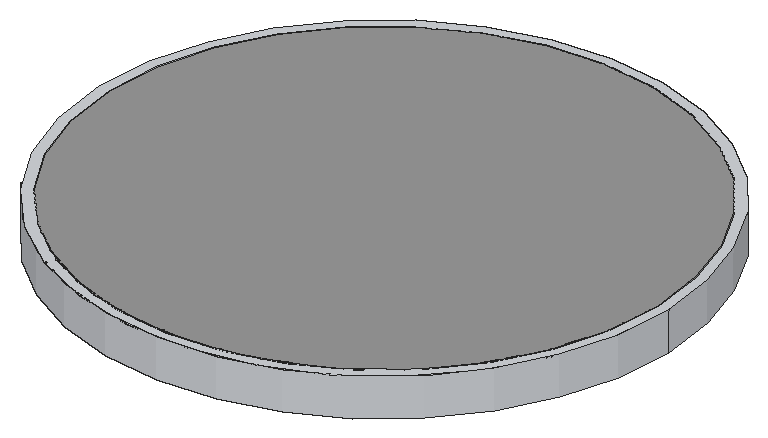
Revit family "2071267", category Lighting Fixtures, host Face, Revit 2018
Family settings
  Host = Face
  Round Connector Dimension = Use Diameter
  Part Type = Normal
  OmniClass Number = 23.80.70.00
  OmniClass Title = Lighting
  Cut with Voids When Loaded = No
  Light Source = Yes
  Shared = No
  Room Calculation Point = No
Parameters (values of type "2071267 COLOSSAL 900 840 OP DIR+H WHT SSA02")
  iner diameter = 856 mm
  Weight = "n/a"
  Wattage Comments = ""
  Wattage = 30 W
  WarrantyStartDate [instance] = "n/a"
  WarrantyGuarantorParts = "n/a"
  WarrantyDurationUnit = "n/a"
  WarrantyDurationParts = ""
  WarrantyDescription = "http://www.sylvania-lighting.com"
  built-in parameter 1150110 = 1 (stored number, unit not read)
  Voltage = 230 V
  URL = "0.95"
  TypeName = "COLOSSAL 900mm 840 OPAL DIR+HAL WHITE SSA02"
  Type Image = <None>
  Type Comments = "n/a"
  built-in parameter 1114217 = 1 (stored number, unit not read)
  Tilt Angle = -90.00°
  built-in parameter 1150109 = 1 (stored number, unit not read)
  built-in parameter 1150134 = (empty or 0)
  built-in parameter 1150113 = 1 (stored number, unit not read)
  SerialNumber [instance] = "n/a"
  Photometric Web File = "2071267.ies"
  Material_3_SYL = LED-Sylvania
  PowerFactor = 0
  PowerConsumption = "Lighting"
  NominalLength = 888 mm
  NominalHeight = 93 mm
  NominalDepth = 888 mm
  Name = "COLOSSAL 900mm 840 OPAL DIR+HAL WHITE SSA02"
  ModelReference = Name  # "COLOSSAL 900mm 840 OPAL DIR+HAL WHITE SSA02"
  ModelNumber = "2071267"
  Model = Name  # "COLOSSAL 900mm 840 OPAL DIR+HAL WHITE SSA02"
  Material = "Feilo Sylvania"
  ManufacturerName = "144 lm/W"
  Manufacturer = ""
  LuminousEfficacy = ""
  built-in parameter 1150105 = 270.44 (stored number, unit not read)
  Lumens = 3398.4 lm
  LuminaireType = "0"
  built-in parameter 1150115 = 1 (stored number, unit not read)
  LightOutputRatio = "LED"
  built-in parameter 1150137 = (empty or 0)
  built-in parameter 1150139 = (empty or 0)
  LampsType = Lamp  # "n/a"
  LampNominalLuminous = "4000 K"
  LampMacAdamStep = "80"
  LampColourTemperature = "LED"
  LampColourRenderingIndex = "16500"
  built-in parameter 1150112 = 1 (stored number, unit not read)
  built-in parameter 1150114 = 1 (stored number, unit not read)
  Lamp = "n/a"
  Keynote = "n/a"
  InstallationDate [instance] = "n/a"
  InputVoltage = "0"
  InputNominalFrequency = "4000"
  built-in parameter 1150132 = (empty or 0)
  built-in parameter 1150102 = (empty or 0)
  built-in parameter 1150107 = 3000 (stored number, unit not read)
  built-in parameter 1150138 = (empty or 0)
  IngressProtection = "IfcLightFixtureType"
  ImpactProtectionIndex = "IfcLightFixtureType"
  built-in parameter 1150106 = 2.7044 (stored number, unit not read)
  IfcExportType = "IfcLightFixtureType"
  IfcExportAs = "Class I"
  Emit from Circle Diameter = 385 mm
  Emit Shape Visible in Rendering = no
  ElectricShockClassification = "144"
  built-in parameter 1150104 = 10.524 (stored number, unit not read)
  DocumentationLiterature = "http://www.sylvania-lighting.com/product/en-int/products/2071267"
  DimmingControlOptions = "n/a"
  Material_2_SYL = Polycarbonate_Sylvania_White
  Dimming Lamp Color Temperature Shift = <None>
  Description = "900mm diameter circular architectural luminaire, can be surface mounted or suspended. Powder coated aluminium housing (RAL9016) with polycarbonate opal diffuser. Direct/indirect (halo) light distribution, 11025lm luminuous flux, 76.8W system power, 144lm/W luminiaire efficacy. Sylsmart Connected enabled. Colour rendering index Ra >80, 4000K Neutral White LED, chromaticity tolerance of 3-step MacAdam ellipse. IP40/IP20, IK03. 450mA drive current. Electrical protection Class1, 220-240V. Reported lifetime 66k hours L90B10."
  Default Elevation = 1219.2 mm
  CreatedOn = "23/03/2022"
  CreatedBy = "@sylvania-lighting.com"
  Cost = 0
  Color Filter = 16777215
  built-in parameter 1114216 [instance] = (empty or 0)
  ClassificationValue = "EF_70_80"
  ClassificationName = "Uniclass2015"
  Material_1_SYL = Polycarbonate_Sylvania_Opal
  BarCode [instance] = "n/a"
  built-in parameter 1114218 = 1 (stored number, unit not read)
  built-in parameter 1150133 = 10 (stored number, unit not read)
  AssetType = "Fixed"
  AssetIdentifier [instance] = "n/a"
  Assembly Code = "D5020200"
  Apparent Load = 76.8 VA
  Material_4_SYL = none
Reference planes
  plane 1 "Center (Front/Back)": y = 0
  plane 2: z = 0
  plane 3 "Center (Left/Right)": x = 0
  plane 4: z = 1.161
  plane 5: z = 16.161
  plane 6: x = -444
  plane 7: x = 444
  plane 8: y = 444
  plane 9: y = -444
  plane 10: y = 236
  plane 11: y = -236
  plane 12: x = 85
  plane 13: x = -85
  plane 14: through (0, 0, 1219.2) normal (0.5, 0.866, 0)
  plane 15: through (42.5, 73.612, 1219.2) normal (0.5, 0.866, 0)
  plane 16: through (-42.5, -73.612, 1219.2) normal (0.5, 0.866, 0)
  plane 17: through (0, 0, 1219.2) normal (0.5, -0.866, 0)
  plane 18: through (-42.5, 73.612, 1219.2) normal (0.5, -0.866, 0)
  plane 19: through (42.5, -73.612, 1219.2) normal (0.5, -0.866, 0)
  plane 20: z = 93
  plane 21: y = 428
  plane 22: y = -428
Forms (mm)
  Extrusion 1, solid, detail levels medium+fine
    sketch origin (0, 0, 0) x (0.866025, -0.5, 0) y (0.5, 0.866025, 0)
      loop
        circle (-50, 86.603) r 22
    from 0 to 2
  Extrusion 2, solid, detail levels medium+fine
    sketch origin (0, 0, 0) x (0.866025, -0.5, 0) y (0.5, 0.866025, 0)
      loop
        circle (100, 0) r 22
      loop
        circle (-50, -86.603) r 22
    from 0 to 2
  Blend 3, solid, detail levels medium+fine
    base sketch origin (0, 0, 0) x (1, 0, 0) y (0, 1, 0)
      loop
        line (-85, 236) -> (-246.882, -44.388) -> (-161.882, -191.612) -> (161.882, -191.612) -> (246.882, -44.388) -> (85, 236) -> (-85, 236)
    top sketch origin (0, 0, 0) x (1, 0, 0) y (0, 1, 0)
      loop
        line (-85, 283.076) -> (-287.651, -67.926) -> (-207.792, -218.119) -> (207.792, -218.119) -> (292.5, -71.401) -> (85, 283.076) -> (-85, 283.076)
    from 0 to 33.022
  Extrusion 4, solid, detail levels medium+fine
    sketch origin (0, 0, 0) x (1, 0, 0) y (0, 1, 0)
      loop
        circle (0, 0) r 444
    from 33.022 to 93
  Extrusion 5, void
    sketch origin (0, 0, 0) x (1, 0, 0) y (0, 1, 0)
      loop
        circle (0, 0) r 428
    from 96.588 to 37.292
  Extrusion 6, solid, material "Glass, White, High Luminance", detail levels fine
    sketch origin (0, 0, 0) x (1, 0, 0) y (0, 1, 0)
      loop
        circle (0, 0) r 428
    from 87.991 to 93
  Extrusion 7, solid, detail levels coarse
    sketch origin (0, 0, 0) x (1, 0, 0) y (0, 1, 0)
      loop
        line (-444, 444) -> (-444, -444) -> (444, -444) -> (444, 444) -> (-444, 444)
    from 0 to 93.648
Cuts and joins
  Extrusion 5 cuts Extrusion 1
  Extrusion 5 cuts Extrusion 2
  Extrusion 5 cuts Blend 3
  Extrusion 5 cuts Extrusion 4
Lines and regions (mm)
  model lines, detail levels medium+fine
    curve 1: circle (0, 0, 0) r 100 normal (0, 0, 1)
Dimensions and locks
  "NominalDepth": plane 8 to plane 9
  plane 8 to plane 1 "Center (Front/Back)" to plane 9 = 444 mm, 444 mm
  "NominalLength": plane 6 to plane 7
  equal spacing: plane 6, plane 3 "Center (Left/Right)", plane 7
  "NominalHeight": level to plane 20
  "iner diameter": plane 21 to plane 22
  equal spacing: plane 21, plane 1 "Center (Front/Back)", plane 22
  aligned and locked: plane 2 to host face
  aligned and locked: level to host face
Automatic sketch dimensions
  host sketch curve to host sketch curve = 2438.4 mm  (x2)
  Extrusion 1 sketch curve to plane 3 "Center (Left/Right)" = 0 mm
  Extrusion 1 sketch curve to plane 1 "Center (Front/Back)" = 100 mm
  plane 1 "Center (Front/Back)" to Extrusion 2 sketch curve = 50 mm
  Extrusion 2 sketch curve to plane 3 "Center (Left/Right)" = 86.603 mm
  Extrusion 2 sketch curve to Extrusion 2 sketch curve = 150 mm
  Extrusion 2 sketch curve to Extrusion 2 sketch curve = 86.603 mm
  plane 1 "Center (Front/Back)" to curve 1 = 0 mm
  curve 1 to plane 3 "Center (Left/Right)" = 0 mm
  plane 18 to Blend 3 sketch curve = 0 mm  (x2)
  plane 19 to Blend 3 sketch curve = 0 mm  (x2)
  Blend 3 sketch curve to plane 10 = 0 mm
  Blend 3 sketch curve to plane 13 = 0 mm  (x2)
  Blend 3 sketch curve to plane 12 = 0 mm  (x2)
  Blend 3 sketch curve to plane 16 = 0 mm  (x2)
  Blend 3 sketch curve to plane 15 = 0 mm
  plane 11 to Blend 3 sketch curve = 44.388 mm
  plane 1 "Center (Front/Back)" to Blend 3 sketch curve = 44.388 mm  (x2)
  plane 11 to Blend 3 sketch curve = 17.881 mm
  plane 1 "Center (Front/Back)" to Blend 3 sketch curve = 67.926 mm
  plane 1 "Center (Front/Back)" to Blend 3 sketch curve = 71.401 mm
  Blend 3 sketch curve to plane 7 = 151.5 mm
  plane 10 to Blend 3 sketch curve = 47.076 mm
  plane 1 "Center (Front/Back)" to Extrusion 4 sketch curve = 0 mm
  Extrusion 4 sketch curve to plane 3 "Center (Left/Right)" = 0 mm
  plane 1 "Center (Front/Back)" to Extrusion 5 sketch curve = 0 mm
  Extrusion 5 sketch curve to plane 3 "Center (Left/Right)" = 0 mm
  plane 1 "Center (Front/Back)" to Extrusion 6 sketch curve = 0 mm
  Extrusion 6 sketch curve to plane 3 "Center (Left/Right)" = 0 mm
  Extrusion 7 sketch curve to plane 6 = 0 mm
  Extrusion 7 sketch curve to plane 7 = 0 mm
  Extrusion 7 sketch curve to plane 9 = 0 mm
  Extrusion 7 sketch curve to plane 8 = 0 mm
  radius of Extrusion 1 sketch curve = 22 mm
  radius of Extrusion 2 sketch curve = 22 mm  (x2)
  radius of curve 1 = 100 mm
  radius of Extrusion 4 sketch curve = 444 mm
  radius of Extrusion 5 sketch curve = 428 mm
  radius of Extrusion 6 sketch curve = 428 mm
Connectors
  electrical at (0, 0, 0), driven by "Apparent Load", driven by "PowerFactor", driven by "Voltage"
    settings: index 1, voltage 230 V, apparent load 76.8 VA, apparent load phase1 0 VA, apparent load phase2 0 VA, apparent load phase3 0 VA, power factor 0, load classification "Lighting", number of poles 1, system type 30, power factor state 1, is connector primary yes, connector utility no, sub classification motor no, connector description ""
